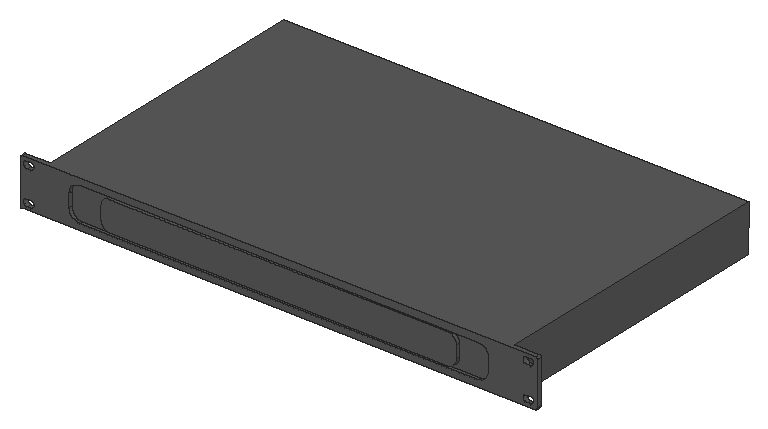
Revit family "E 40-4l", category Communication Devices, Revit 2020
Family settings
  Maintain Annotation Orientation = No
  Round Connector Dimension = Use Diameter
  Part Type = Normal
  Work Plane-Based = No
  Always vertical = Yes
  Cut with Voids When Loaded = No
  Shared = No
  Room Calculation Point = No
Parameters
  Weight (kg) [instance] = 7.9  # constant formula
  Voltage [instance] = "100-240VAC"  # constant formula
  Model = "E 40:4"
  Manufacturer = "Lab Gruppen"
  Default Elevation = 0 mm
  Current Draw (Max) [instance] = 10  # constant formula
Reference planes
  plane 1 "Center (Front/Back)": y = 0
  plane 2: z = 0
  plane 3 "Center (Left/Right)": x = 0
Forms (mm)
  Extrusion 1, solid, material "Aluminium, Black"
    sketch origin (0, 0, 0) x (1, 0, 0) y (0, 0, 1)
      loop
        line (216.937, 44) -> (-216.504, 44) -> (-216.504, 0) -> (216.937, 0) -> (216.937, 44)
    from 0 to -272
  Extrusion 2, solid, material "Aluminium, Black"
    sketch origin (0, 0, 0) x (1, 0, 0) y (0, 0, 1)
      loop
        arc (-239.3, 44) -> (-240.714, 43.415) -> (-241.3, 42) r 2
        line (-241.3, 42) -> (-241.3, 2)
        arc (-241.3, 2) -> (-240.714, 0.586) -> (-239.3, 0) r 2
        line (-239.3, 0) -> (239.3, 0)
        arc (239.3, 0) -> (240.714, 0.586) -> (241.3, 2) r 2
        line (241.3, 2) -> (241.3, 42)
        arc (241.3, 42) -> (240.714, 43.415) -> (239.3, 44) r 2
        line (239.3, 44) -> (-239.3, 44)
    from 0 to 4
  Extrusion 3, void
    sketch origin (0, 0, 0) x (1, 0, 0) y (0, 0, 1)
      loop
        arc (231.4, 41.4) -> (227.9, 37.9) -> (231.4, 34.4) r 3.5
        line (231.4, 34.4) -> (234.4, 34.4)
        arc (234.4, 34.4) -> (237.9, 37.9) -> (234.4, 41.4) r 3.5
        line (234.4, 41.4) -> (231.4, 41.4)
    from 0 to 4
  Extrusion 4, void
    sketch origin (0, 0, 0) x (1, 0, 0) y (0, 0, 1)
      loop
        arc (231.4, 9.6) -> (227.9, 6.1) -> (231.4, 2.6) r 3.5
        line (231.4, 2.6) -> (234.4, 2.6)
        arc (234.4, 2.6) -> (237.9, 6.1) -> (234.4, 9.6) r 3.5
        line (234.4, 9.6) -> (231.4, 9.6)
    from 0 to 4
  Extrusion 5, void
    sketch origin (0, 0, 0) x (1, 0, 0) y (0, 0, 1)
      loop
        arc (-234.4, 41.4) -> (-237.9, 37.9) -> (-234.4, 34.4) r 3.5
        line (-234.4, 34.4) -> (-231.4, 34.4)
        arc (-231.4, 34.4) -> (-227.9, 37.9) -> (-231.4, 41.4) r 3.5
        line (-231.4, 41.4) -> (-234.4, 41.4)
    from 0 to 4
  Extrusion 6, void
    sketch origin (0, 0, 0) x (1, 0, 0) y (0, 0, 1)
      loop
        arc (-234.4, 9.6) -> (-237.9, 6.1) -> (-234.4, 2.6) r 3.5
        line (-234.4, 2.6) -> (-231.4, 2.6)
        arc (-231.4, 2.6) -> (-227.9, 6.1) -> (-231.4, 9.6) r 3.5
        line (-231.4, 9.6) -> (-234.4, 9.6)
    from 0 to 4
  Extrusion 7, void
    sketch origin (0, 0, 0) x (1, 0, 0) y (0, 0, 1)
      loop
        arc (-185.75, 38) -> (-192.821, 35.072) -> (-195.75, 28.001) r 10
        line (-195.75, 28.001) -> (-195.75, 16)
        arc (-195.75, 16) -> (-192.821, 8.929) -> (-185.75, 6) r 10
        line (-185.75, 6) -> (185.75, 6)
        arc (185.75, 6) -> (192.821, 8.929) -> (195.75, 16) r 10
        line (195.75, 16) -> (195.75, 28)
        arc (195.75, 28) -> (192.821, 35.071) -> (185.75, 38) r 10
        line (185.75, 38) -> (-185.75, 38)
    from 1 to 4
  Extrusion 8, solid, material "Aluminium, Black"
    sketch origin (0, 0, 0) x (1, 0, 0) y (0, 0, 1)
      loop
        arc (-157.75, 36.001) -> (-163.407, 33.657) -> (-165.75, 28.001) r 8
        line (-165.75, 28.001) -> (-165.75, 16)
        arc (-165.75, 16) -> (-163.407, 10.343) -> (-157.75, 8) r 8
        line (-157.75, 8) -> (157.75, 8)
        arc (157.75, 8) -> (163.407, 10.343) -> (165.75, 16) r 8
        line (165.75, 16) -> (165.75, 28.001)
        arc (165.75, 28.001) -> (163.407, 33.658) -> (157.75, 36.001) r 8
        line (157.75, 36.001) -> (-157.75, 36.001)
    from 1 to 4
Cuts and joins
  Extrusion 3, Extrusion 4, Extrusion 7 cuts Extrusion 1
  Extrusion 3, Extrusion 4, Extrusion 5, Extrusion 6, Extrusion 7 cuts Extrusion 2
  joined: Extrusion 1, Extrusion 2, Extrusion 8
Lines and regions (mm)
  Split face 1
    outline origin (-157.75, -4, 36.001) x (-1, 0, 0) y (0, 0, -1)
      loop
        arc (-83.45, 9.2) -> (-82.15, 10.5) -> (-83.45, 11.8) r 1.3
        line (-83.45, 11.8) -> (-89.45, 11.8)
        arc (-89.45, 11.8) -> (-90.75, 10.5) -> (-89.45, 9.2) r 1.3
        line (-89.45, 9.2) -> (-83.45, 9.2)
  Split face 2
    outline origin (-157.75, -4, 36.001) x (-1, 0, 0) y (0, 0, -1)
      loop
        arc (-83.45, 16.2) -> (-82.15, 17.5) -> (-83.45, 18.8) r 1.3
        line (-83.45, 18.8) -> (-89.45, 18.8)
        arc (-89.45, 18.8) -> (-90.75, 17.5) -> (-89.45, 16.2) r 1.3
        line (-89.45, 16.2) -> (-83.45, 16.2)
  Split face 3
    outline origin (151.8, 272, 44) x (0, 0, -1) y (-1, 0, 0)
      loop
        line (36.881, 281.67) -> (36.881, 297.368) -> (20.917, 297.368) -> (20.917, 281.67) -> (36.881, 281.67)
  Split face 4
    outline origin (176.085, 272, 44) x (0, 0, -1) y (-1, 0, 0)
      loop
        line (36.881, 324.151) -> (36.881, 339.849) -> (20.917, 339.849) -> (20.917, 324.151) -> (36.881, 324.151)
  Split face 5
    outline origin (151.8, 272, 44) x (0, 0, -1) y (-1, 0, 0)
      loop
        line (25.011, 295.86) -> (25.011, 294.882) -> (26.156, 294.882) -> (26.156, 291.433) -> (25.011, 291.433) -> (25.011, 287.788) -> (26.156, 287.788) -> (26.156, 284.34) -> (25.011, 284.34) -> (25.011, 283.361) -> (33.865, 283.361) -> (33.865, 295.86) -> (25.011, 295.86)
  Split face 6
    outline origin (176.085, 272, 44) x (0, 0, -1) y (-1, 0, 0)
      loop
        line (25.011, 338.341) -> (25.011, 337.363) -> (26.156, 337.363) -> (26.156, 333.914) -> (25.011, 333.914) -> (25.011, 330.269) -> (26.156, 330.269) -> (26.156, 326.821) -> (25.011, 326.821) -> (25.011, 325.842) -> (33.865, 325.842) -> (33.865, 338.341) -> (25.011, 338.341)
  Split face 7
    outline origin (187.853, 272, 44) x (0, 0, -1) y (-1, 0, 0)
      loop
        arc (28.422, 363.645) -> (30.466, 364.55) -> (31.305, 366.623) r 2.98
        line (31.305, 366.623) -> (31.305, 391.409)
        arc (31.305, 391.409) -> (30.493, 393.507) -> (28.422, 394.385) r 2.884
        line (28.422, 394.385) -> (12.058, 394.385)
        arc (12.058, 394.385) -> (10.01, 393.483) -> (9.169, 391.409) r 2.977
        line (9.169, 391.409) -> (9.169, 366.623)
        arc (9.169, 366.623) -> (9.983, 364.523) -> (12.058, 363.645) r 2.89
        line (12.058, 363.645) -> (28.422, 363.645)
  Split face 8
    outline origin (187.853, 272, 44) x (0, 0, -1) y (-1, 0, 0)
      loop
        arc (28.393, 389.257) -> (27.776, 390.755) -> (26.279, 391.376) r 2.114
        line (26.279, 391.376) -> (17.692, 391.376)
        arc (17.692, 391.376) -> (17.189, 391.274) -> (16.765, 390.986) r 1.299
        line (16.765, 390.986) -> (12.421, 386.557)
        arc (12.421, 386.557) -> (12.138, 386.127) -> (12.039, 385.622) r 1.336
        line (12.039, 385.622) -> (12.039, 372.472)
        arc (12.039, 372.472) -> (12.14, 371.968) -> (12.429, 371.544) r 1.293
        line (12.429, 371.544) -> (16.76, 367.323)
        arc (16.76, 367.323) -> (17.188, 367.04) -> (17.692, 366.941) r 1.327
        line (17.692, 366.941) -> (26.156, 366.941)
        arc (26.156, 366.941) -> (27.73, 367.519) -> (28.393, 369.059) r 2.122
        line (28.393, 369.059) -> (28.393, 389.257)
  Split face 9
    outline origin (187.853, 272, 44) x (0, 0, -1) y (-1, 0, 0)
      loop
        line (23.895, 385.372) -> (23.895, 387.032) -> (20.184, 387.032) -> (20.184, 385.372) -> (23.895, 385.372)
  Split face 10
    outline origin (187.853, 272, 44) x (0, 0, -1) y (-1, 0, 0)
      loop
        line (19.844, 378.336) -> (19.844, 379.996) -> (16.129, 379.996) -> (16.129, 378.336) -> (19.844, 378.336)
  Split face 11
    outline origin (187.853, 272, 44) x (0, 0, -1) y (-1, 0, 0)
      loop
        line (20.184, 372.93) -> (20.184, 371.266) -> (23.895, 371.266) -> (23.895, 372.93) -> (20.184, 372.93)
  Split face 12
    outline origin (216.937, 272, 44) x (0, 0, -1) y (-1, 0, 0)
      loop
        circle (29.652, 182.63) r 5.531
  Split face 13
    outline origin (216.937, 272, 44) x (0, 0, -1) y (-1, 0, 0)
      loop
        circle (30.72, 192.684) r 1.778
  Split face 14
    outline origin (216.937, 272, 39.014) x (0, 0, -1) y (-1, 0, 0)
      loop
        circle (25.227, 151.875) r 5.494
  Split face 15
    outline origin (216.937, 272, 39.014) x (0, 0, -1) y (-1, 0, 0)
      loop
        arc (22.886, 150.987) -> (22.835, 149.663) -> (24.159, 149.613) r 0.936
        line (24.159, 149.613) -> (27.557, 152.764)
        arc (27.557, 152.764) -> (27.611, 154.086) -> (26.289, 154.138) r 0.935
        line (26.289, 154.138) -> (22.886, 150.987)
  Split face 16
    outline origin (216.937, 272, 44) x (0, 0, -1) y (-1, 0, 0)
      loop
        circle (31.117, 140.57) r 1.58
  Split face 17
    outline origin (216.937, 272, 44) x (0, 0, -1) y (-1, 0, 0)
      loop
        line (34.484, 130.603) -> (34.484, 135.25) -> (27.365, 135.25) -> (27.365, 130.603) -> (34.484, 130.603)
  Split face 18
    outline origin (216.937, 272, 44) x (0, 0, -1) y (-1, 0, 0)
      loop
        line (33.378, 131.605) -> (33.378, 134.248) -> (29.564, 134.248) -> (29.564, 131.605) -> (33.378, 131.605)
  Split face 19
    outline origin (216.937, 272, 44) x (0, 0, -1) y (-1, 0, 0)
      loop
        line (34.484, 122.278) -> (34.484, 126.924) -> (27.365, 126.924) -> (27.365, 122.278) -> (34.484, 122.278)
  Split face 20
    outline origin (216.937, 272, 44) x (0, 0, -1) y (-1, 0, 0)
      loop
        line (33.378, 123.28) -> (33.378, 125.924) -> (29.564, 125.924) -> (29.564, 123.28) -> (33.378, 123.28)
  Split face 21
    outline origin (216.937, 272, 39.014) x (0, 0, -1) y (-1, 0, 0)
      loop
        circle (25.225, 110.053) r 5.494
  Split face 22
    outline origin (216.937, 272, 39.014) x (0, 0, -1) y (-1, 0, 0)
      loop
        arc (22.886, 109.165) -> (22.835, 107.841) -> (24.159, 107.791) r 0.936
        line (24.159, 107.791) -> (27.557, 110.942)
        arc (27.557, 110.942) -> (27.611, 112.264) -> (26.289, 112.316) r 0.935
        line (26.289, 112.316) -> (22.886, 109.165)
  Split face 23
    outline origin (216.937, 272, 44) x (0, 0, -1) y (-1, 0, 0)
      loop
        line (34.484, 88.653) -> (34.484, 93.301) -> (27.365, 93.301) -> (27.365, 88.653) -> (34.484, 88.653)
  Split face 24
    outline origin (216.937, 272, 44) x (0, 0, -1) y (-1, 0, 0)
      loop
        line (33.378, 89.656) -> (33.378, 92.299) -> (29.564, 92.299) -> (29.564, 89.656) -> (33.378, 89.656)
  Split face 25
    outline origin (216.937, 272, 44) x (0, 0, -1) y (-1, 0, 0)
      loop
        line (34.484, 80.329) -> (34.484, 84.975) -> (27.365, 84.975) -> (27.365, 80.329) -> (34.484, 80.329)
  Split face 26
    outline origin (216.937, 272, 44) x (0, 0, -1) y (-1, 0, 0)
      loop
        line (33.378, 81.331) -> (33.378, 83.975) -> (29.564, 83.975) -> (29.564, 81.331) -> (33.378, 81.331)
  Split face 27
    outline origin (216.937, 272, 44) x (0, 0, -1) y (-1, 0, 0)
      loop
        circle (31.117, 98.391) r 1.578
  Split face 28
    outline origin (216.937, 272, 44) x (0, 0, -1) y (-1, 0, 0)
      loop
        line (36.299, 4.758) -> (36.299, 26.188) -> (27.277, 26.188) -> (27.277, 25.116) -> (25.049, 25.116) -> (25.049, 5.793) -> (27.365, 5.793) -> (27.365, 4.758) -> (36.299, 4.758)
  Split face 29
    outline origin (216.937, 272, 44) x (0, 0, -1) y (-1, 0, 0)
      loop
        line (28.11, 4.758) -> (28.11, 26.188)
  Split face 30
    outline origin (216.937, 272, 44) x (0, 0, -1) y (-1, 0, 0)
      loop
        line (36.539, 31.923) -> (36.539, 49.134) -> (27.536, 49.134) -> (27.536, 46.746) -> (25.308, 46.746) -> (25.308, 34.334) -> (27.633, 34.334) -> (27.633, 31.923) -> (36.539, 31.923)
  Split face 31
    outline origin (216.937, 272, 44) x (0, 0, -1) y (-1, 0, 0)
      loop
        line (28.36, 31.923) -> (28.36, 49.134)
  Split face 32
    outline origin (216.937, 272, 44) x (0, 0, -1) y (-1, 0, 0)
      loop
        line (36.539, 58.674) -> (36.539, 75.884) -> (27.536, 75.884) -> (27.536, 73.496) -> (25.308, 73.496) -> (25.308, 61.084) -> (27.633, 61.084) -> (27.633, 58.674) -> (36.539, 58.674)
  Split face 33
    outline origin (216.937, 272, 44) x (0, 0, -1) y (-1, 0, 0)
      loop
        line (28.36, 58.674) -> (28.36, 75.884)
  Split face 34
    outline origin (216.937, 272, 44) x (0, 0, -1) y (-1, 0, 0)
      loop
        arc (34.712, 33.431) -> (35.812, 35.797) -> (34.712, 38.163) r 3.096
        arc (34.712, 38.163) -> (35.812, 40.529) -> (34.712, 42.895) r 3.096
        arc (34.712, 42.895) -> (35.812, 45.261) -> (34.712, 47.626) r 3.096
        line (34.712, 47.626) -> (34.712, 48.426) -> (30.105, 48.426) -> (30.105, 32.631) -> (34.712, 32.631) -> (34.712, 33.431)
  Split face 35
    outline origin (216.937, 272, 44) x (0, 0, -1) y (-1, 0, 0)
      loop
        arc (34.712, 60.181) -> (35.812, 62.547) -> (34.712, 64.913) r 3.096
        arc (34.712, 64.913) -> (35.812, 67.279) -> (34.712, 69.645) r 3.096
        arc (34.712, 69.645) -> (35.812, 72.011) -> (34.712, 74.377) r 3.096
        line (34.712, 74.377) -> (34.712, 75.177) -> (30.105, 75.177) -> (30.105, 59.381) -> (34.712, 59.381) -> (34.712, 60.181)
  Split face 36
    outline origin (216.937, 272, 44) x (0, 0, -1) y (-1, 0, 0)
      loop
        arc (34.712, 6.009) -> (35.812, 8.375) -> (34.712, 10.741) r 3.096
        arc (34.712, 10.741) -> (35.812, 13.107) -> (34.712, 15.473) r 3.096
        arc (34.712, 15.473) -> (35.812, 17.839) -> (34.712, 20.205) r 3.096
        arc (34.712, 20.205) -> (35.812, 22.571) -> (34.712, 24.937) r 3.096
        line (34.712, 24.937) -> (34.712, 25.737) -> (30.105, 25.737) -> (30.105, 5.209) -> (34.712, 5.209) -> (34.712, 6.009)
  Split face 37
    outline origin (-157.75, -4, 36.001) x (-1, 0, 0) y (0, 0, -1)
      loop
        circle (-182.45, 10.5) r 1.3
  Split face 38
    outline origin (-157.75, -4, 36.001) x (-1, 0, 0) y (0, 0, -1)
      loop
        circle (-182.45, 17.5) r 1.3
  Split face 39
    outline origin (-157.75, -4, 36.001) x (-1, 0, 0) y (0, 0, -1)
      loop
        circle (-206.951, 10.5) r 1.3
  Split face 40
    outline origin (-157.75, -4, 36.001) x (-1, 0, 0) y (0, 0, -1)
      loop
        circle (-206.951, 17.5) r 1.3
  Split face 41
    outline origin (216.937, 272, 44) x (0, 0, -1) y (-1, 0, 0)
      loop
        line (36.881, 328.65) -> (36.881, 344.348) -> (20.917, 344.348) -> (20.917, 328.65) -> (36.881, 328.65)
  Split face 42
    outline origin (216.937, 272, 44) x (0, 0, -1) y (-1, 0, 0)
      loop
        line (36.881, 310.454) -> (36.881, 326.152) -> (20.917, 326.152) -> (20.917, 310.454) -> (36.881, 310.454)
  Split face 43
    outline origin (216.937, 272, 44) x (0, 0, -1) y (-1, 0, 0)
      loop
        line (25.011, 342.823) -> (25.011, 341.844) -> (26.156, 341.844) -> (26.156, 338.396) -> (25.011, 338.396) -> (25.011, 334.751) -> (26.156, 334.751) -> (26.156, 331.302) -> (25.011, 331.302) -> (25.011, 330.324) -> (33.865, 330.324) -> (33.865, 342.823) -> (25.011, 342.823)
  Split face 44
    outline origin (216.937, 272, 44) x (0, 0, -1) y (-1, 0, 0)
      loop
        line (25.011, 324.627) -> (25.011, 323.648) -> (26.156, 323.648) -> (26.156, 320.2) -> (25.011, 320.2) -> (25.011, 316.555) -> (26.156, 316.555) -> (26.156, 313.106) -> (25.011, 313.106) -> (25.011, 312.128) -> (33.865, 312.128) -> (33.865, 324.627) -> (25.011, 324.627)
  Split face 45
    outline origin (216.937, 272, 44) x (0, 0, -1) y (-1, 0, 0)
      loop
        line (19.417, 31.923) -> (19.417, 49.134) -> (10.414, 49.134) -> (10.414, 46.746) -> (8.187, 46.746) -> (8.187, 34.334) -> (10.511, 34.334) -> (10.511, 31.923) -> (19.417, 31.923)
  Split face 46
    outline origin (216.937, 272, 44) x (0, 0, -1) y (-1, 0, 0)
      loop
        line (19.23, 58.714) -> (19.23, 75.925) -> (10.227, 75.925) -> (10.227, 73.537) -> (8, 73.537) -> (8, 61.125) -> (10.325, 61.125) -> (10.325, 58.714) -> (19.23, 58.714)
  Split face 47
    outline origin (216.937, 272, 44) x (0, 0, -1) y (-1, 0, 0)
      loop
        arc (16.948, 33.431) -> (18.047, 35.797) -> (16.948, 38.163) r 3.096
        arc (16.948, 38.163) -> (18.047, 40.529) -> (16.948, 42.895) r 3.096
        arc (16.948, 42.895) -> (18.047, 45.261) -> (16.948, 47.626) r 3.096
        line (16.948, 47.626) -> (16.948, 48.426) -> (12.341, 48.426) -> (12.341, 32.631) -> (16.948, 32.631) -> (16.948, 33.431)
  Split face 48
    outline origin (216.937, 272, 44) x (0, 0, -1) y (-1, 0, 0)
      loop
        arc (16.948, 60.181) -> (18.047, 62.547) -> (16.948, 64.913) r 3.096
        arc (16.948, 64.913) -> (18.047, 67.279) -> (16.948, 69.645) r 3.096
        arc (16.948, 69.645) -> (18.047, 72.011) -> (16.948, 74.377) r 3.096
        line (16.948, 74.377) -> (16.948, 75.177) -> (12.341, 75.177) -> (12.341, 59.381) -> (16.948, 59.381) -> (16.948, 60.181)
  Split face 49
    outline origin (216.937, 272, 44) x (0, 0, -1) y (-1, 0, 0)
      loop
        circle (12.341, 110.004) r 5.5
  Split face 50
    outline origin (216.937, 272, 44) x (0, 0, -1) y (-1, 0, 0)
      loop
        arc (10.048, 109.165) -> (9.997, 107.841) -> (11.321, 107.791) r 0.936
        line (11.321, 107.791) -> (14.719, 110.942)
        arc (14.719, 110.942) -> (14.773, 112.264) -> (13.451, 112.316) r 0.935
        line (13.451, 112.316) -> (10.048, 109.165)
  Split face 51
    outline origin (216.937, 272, 44) x (0, 0, -1) y (-1, 0, 0)
      loop
        circle (12.341, 151.894) r 5.5
  Split face 52
    outline origin (216.937, 272, 44) x (0, 0, -1) y (-1, 0, 0)
      loop
        arc (10.048, 150.981) -> (9.997, 149.657) -> (11.321, 149.607) r 0.936
        line (11.321, 149.607) -> (14.719, 152.758)
        arc (14.719, 152.758) -> (14.773, 154.08) -> (13.451, 154.132) r 0.935
        line (13.451, 154.132) -> (10.048, 150.981)
  Split face 53
    outline origin (216.937, 272, 44) x (0, 0, -1) y (-1, 0, 0)
      loop
        line (16.685, 130.603) -> (16.685, 135.25) -> (9.565, 135.25) -> (9.565, 130.603) -> (16.685, 130.603)
  Split face 54
    outline origin (216.937, 272, 44) x (0, 0, -1) y (-1, 0, 0)
      loop
        line (16.685, 122.276) -> (16.685, 126.924) -> (9.565, 126.924) -> (9.565, 122.276) -> (16.685, 122.276)
  Split face 55
    outline origin (216.937, 272, 44) x (0, 0, -1) y (-1, 0, 0)
      loop
        line (16.685, 88.653) -> (16.685, 93.301) -> (9.565, 93.301) -> (9.565, 88.653) -> (16.685, 88.653)
  Split face 56
    outline origin (216.937, 272, 44) x (0, 0, -1) y (-1, 0, 0)
      loop
        line (16.685, 80.327) -> (16.685, 84.975) -> (9.565, 84.975) -> (9.565, 80.327) -> (16.685, 80.327)
  Split face 57
    outline origin (216.937, 272, 44) x (0, 0, -1) y (-1, 0, 0)
      loop
        line (15.578, 131.605) -> (15.578, 134.248) -> (11.764, 134.248) -> (11.764, 131.605) -> (15.578, 131.605)
  Split face 58
    outline origin (216.937, 272, 44) x (0, 0, -1) y (-1, 0, 0)
      loop
        line (15.578, 123.279) -> (15.578, 125.922) -> (11.764, 125.922) -> (11.764, 123.279) -> (15.578, 123.279)
  Split face 59
    outline origin (216.937, 272, 44) x (0, 0, -1) y (-1, 0, 0)
      loop
        line (15.578, 89.656) -> (15.578, 92.299) -> (11.764, 92.299) -> (11.764, 89.656) -> (15.578, 89.656)
  Split face 60
    outline origin (216.937, 272, 44) x (0, 0, -1) y (-1, 0, 0)
      loop
        line (15.578, 81.33) -> (15.578, 83.973) -> (11.764, 83.973) -> (11.764, 81.33) -> (15.578, 81.33)
  Split face 61
    outline origin (216.937, 272, 44) x (0, 0, -1) y (-1, 0, 0)
      loop
        circle (13.317, 140.57) r 1.58
  Split face 62
    outline origin (216.937, 272, 44) x (0, 0, -1) y (-1, 0, 0)
      loop
        circle (13.317, 98.389) r 1.58
  Split face 63
    outline origin (216.937, 272, 44) x (0, 0, -1) y (-1, 0, 0)
      loop
        arc (34.712, 234.907) -> (35.974, 236.169) -> (34.712, 237.43) r 1.262
        line (34.712, 237.43) -> (6.452, 237.43)
        arc (6.452, 237.43) -> (5.19, 236.169) -> (6.452, 234.907) r 1.262
        line (6.452, 234.907) -> (34.712, 234.907)
  Split face 64
    outline origin (216.937, 272, 44) x (0, 0, -1) y (-1, 0, 0)
      loop
        arc (34.712, 238.407) -> (35.974, 239.669) -> (34.712, 240.93) r 1.262
        line (34.712, 240.93) -> (6.452, 240.93)
        arc (6.452, 240.93) -> (5.19, 239.669) -> (6.452, 238.407) r 1.262
        line (6.452, 238.407) -> (34.712, 238.407)
  Split face 65
    outline origin (216.937, 272, 44) x (0, 0, -1) y (-1, 0, 0)
      loop
        arc (34.712, 217.409) -> (35.974, 218.671) -> (34.712, 219.933) r 1.262
        line (34.712, 219.933) -> (6.452, 219.933)
        arc (6.452, 219.933) -> (5.19, 218.671) -> (6.452, 217.409) r 1.262
        line (6.452, 217.409) -> (34.712, 217.409)
  Split face 66
    outline origin (216.937, 272, 44) x (0, 0, -1) y (-1, 0, 0)
      loop
        arc (34.712, 213.93) -> (35.974, 215.192) -> (34.712, 216.454) r 1.262
        line (34.712, 216.454) -> (6.452, 216.454)
        arc (6.452, 216.454) -> (5.19, 215.192) -> (6.452, 213.93) r 1.262
        line (6.452, 213.93) -> (34.712, 213.93)
  Split face 67
    outline origin (216.937, 272, 44) x (0, 0, -1) y (-1, 0, 0)
      loop
        arc (34.712, 245.407) -> (35.974, 246.669) -> (34.712, 247.93) r 1.262
        line (34.712, 247.93) -> (6.452, 247.93)
        arc (6.452, 247.93) -> (5.19, 246.669) -> (6.452, 245.407) r 1.262
        line (6.452, 245.407) -> (34.712, 245.407)
  Split face 68
    outline origin (216.937, 272, 44) x (0, 0, -1) y (-1, 0, 0)
      loop
        arc (34.712, 224.389) -> (35.974, 225.651) -> (34.712, 226.913) r 1.262
        line (34.712, 226.913) -> (6.452, 226.913)
        arc (6.452, 226.913) -> (5.19, 225.651) -> (6.452, 224.389) r 1.262
        line (6.452, 224.389) -> (34.712, 224.389)
  Split face 69
    outline origin (216.937, 272, 44) x (0, 0, -1) y (-1, 0, 0)
      loop
        arc (34.712, 220.89) -> (35.974, 222.152) -> (34.712, 223.413) r 1.262
        line (34.712, 223.413) -> (6.452, 223.413)
        arc (6.452, 223.413) -> (5.19, 222.152) -> (6.452, 220.89) r 1.262
        line (6.452, 220.89) -> (34.712, 220.89)
  Split face 70
    outline origin (216.937, 272, 44) x (0, 0, -1) y (-1, 0, 0)
      loop
        arc (34.712, 241.907) -> (35.974, 243.169) -> (34.712, 244.43) r 1.262
        line (34.712, 244.43) -> (6.452, 244.43)
        arc (6.452, 244.43) -> (5.19, 243.169) -> (6.452, 241.907) r 1.262
        line (6.452, 241.907) -> (34.712, 241.907)
  Split face 71
    outline origin (216.937, 272, 44) x (0, 0, -1) y (-1, 0, 0)
      loop
        arc (34.712, 227.907) -> (35.974, 229.169) -> (34.712, 230.43) r 1.262
        line (34.712, 230.43) -> (6.452, 230.43)
        arc (6.452, 230.43) -> (5.19, 229.169) -> (6.452, 227.907) r 1.262
        line (6.452, 227.907) -> (34.712, 227.907)
  Split face 72
    outline origin (216.937, 272, 44) x (0, 0, -1) y (-1, 0, 0)
      loop
        arc (34.712, 231.407) -> (35.974, 232.669) -> (34.712, 233.93) r 1.262
        line (34.712, 233.93) -> (6.452, 233.93)
        arc (6.452, 233.93) -> (5.19, 232.669) -> (6.452, 231.407) r 1.262
        line (6.452, 231.407) -> (34.712, 231.407)
  Split face 73
    outline origin (216.937, 272, 44) x (0, 0, -1) y (-1, 0, 0)
      loop
        arc (34.712, 248.907) -> (35.974, 250.169) -> (34.712, 251.43) r 1.262
        line (34.712, 251.43) -> (6.452, 251.43)
        arc (6.452, 251.43) -> (5.19, 250.169) -> (6.452, 248.907) r 1.262
        line (6.452, 248.907) -> (34.712, 248.907)
  Split face 74
    outline origin (216.937, 272, 44) x (0, 0, -1) y (-1, 0, 0)
      loop
        arc (34.712, 266.407) -> (35.974, 267.669) -> (34.712, 268.93) r 1.262
        line (34.712, 268.93) -> (6.452, 268.93)
        arc (6.452, 268.93) -> (5.19, 267.669) -> (6.452, 266.407) r 1.262
        line (6.452, 266.407) -> (34.712, 266.407)
  Split face 75
    outline origin (216.937, 272, 44) x (0, 0, -1) y (-1, 0, 0)
      loop
        arc (34.712, 276.907) -> (35.974, 278.169) -> (34.712, 279.43) r 1.262
        line (34.712, 279.43) -> (6.452, 279.43)
        arc (6.452, 279.43) -> (5.19, 278.169) -> (6.452, 276.907) r 1.262
        line (6.452, 276.907) -> (34.712, 276.907)
  Split face 76
    outline origin (216.937, 272, 44) x (0, 0, -1) y (-1, 0, 0)
      loop
        arc (34.712, 273.407) -> (35.974, 274.669) -> (34.712, 275.93) r 1.262
        line (34.712, 275.93) -> (6.452, 275.93)
        arc (6.452, 275.93) -> (5.19, 274.669) -> (6.452, 273.407) r 1.262
        line (6.452, 273.407) -> (34.712, 273.407)
  Split face 77
    outline origin (216.937, 272, 44) x (0, 0, -1) y (-1, 0, 0)
      loop
        arc (34.712, 280.407) -> (35.974, 281.669) -> (34.712, 282.93) r 1.262
        line (34.712, 282.93) -> (6.452, 282.93)
        arc (6.452, 282.93) -> (5.19, 281.669) -> (6.452, 280.407) r 1.262
        line (6.452, 280.407) -> (34.712, 280.407)
  Split face 78
    outline origin (216.937, 272, 44) x (0, 0, -1) y (-1, 0, 0)
      loop
        arc (34.712, 269.907) -> (35.974, 271.169) -> (34.712, 272.43) r 1.262
        line (34.712, 272.43) -> (6.452, 272.43)
        arc (6.452, 272.43) -> (5.19, 271.169) -> (6.452, 269.907) r 1.262
        line (6.452, 269.907) -> (34.712, 269.907)
  Split face 79
    outline origin (216.937, 272, 44) x (0, 0, -1) y (-1, 0, 0)
      loop
        arc (34.712, 255.907) -> (35.974, 257.169) -> (34.712, 258.43) r 1.262
        line (34.712, 258.43) -> (6.452, 258.43)
        arc (6.452, 258.43) -> (5.19, 257.169) -> (6.452, 255.907) r 1.262
        line (6.452, 255.907) -> (34.712, 255.907)
  Split face 80
    outline origin (216.937, 272, 44) x (0, 0, -1) y (-1, 0, 0)
      loop
        arc (34.712, 252.407) -> (35.974, 253.669) -> (34.712, 254.93) r 1.262
        line (34.712, 254.93) -> (6.452, 254.93)
        arc (6.452, 254.93) -> (5.19, 253.669) -> (6.452, 252.407) r 1.262
        line (6.452, 252.407) -> (34.712, 252.407)
  Split face 81
    outline origin (216.937, 272, 44) x (0, 0, -1) y (-1, 0, 0)
      loop
        arc (34.712, 262.907) -> (35.974, 264.169) -> (34.712, 265.43) r 1.262
        line (34.712, 265.43) -> (6.452, 265.43)
        arc (6.452, 265.43) -> (5.19, 264.169) -> (6.452, 262.907) r 1.262
        line (6.452, 262.907) -> (34.712, 262.907)
  Split face 82
    outline origin (216.937, 272, 44) x (0, 0, -1) y (-1, 0, 0)
      loop
        arc (34.712, 259.407) -> (35.974, 260.669) -> (34.712, 261.93) r 1.262
        line (34.712, 261.93) -> (6.452, 261.93)
        arc (6.452, 261.93) -> (5.19, 260.669) -> (6.452, 259.407) r 1.262
        line (6.452, 259.407) -> (34.712, 259.407)
  Split face 83
    outline origin (-157.75, -4, 36.001) x (-1, 0, 0) y (0, 0, -1)
      loop
        circle (-157.95, 10.5) r 1.3
  Split face 84
    outline origin (-157.75, -4, 36.001) x (-1, 0, 0) y (0, 0, -1)
      loop
        circle (-157.95, 17.5) r 1.3
  Split face 85
    outline origin (-157.75, -4, 36.001) x (-1, 0, 0) y (0, 0, -1)
      loop
        circle (-133.45, 10.5) r 1.3
  Split face 86
    outline origin (-157.75, -4, 36.001) x (-1, 0, 0) y (0, 0, -1)
      loop
        circle (-133.45, 17.5) r 1.3
  Split face 87
    outline origin (216.937, 272, 44) x (0, 0, -1) y (-1, 0, 0)
      loop
        arc (34.712, 283.907) -> (35.974, 285.169) -> (34.712, 286.43) r 1.262
        line (34.712, 286.43) -> (6.452, 286.43)
        arc (6.452, 286.43) -> (5.19, 285.169) -> (6.452, 283.907) r 1.262
        line (6.452, 283.907) -> (34.712, 283.907)
  Split face 88
    outline origin (216.937, 272, 44) x (0, 0, -1) y (-1, 0, 0)
      loop
        arc (34.712, 287.407) -> (35.974, 288.669) -> (34.712, 289.93) r 1.262
        line (34.712, 289.93) -> (6.452, 289.93)
        arc (6.452, 289.93) -> (5.19, 288.669) -> (6.452, 287.407) r 1.262
        line (6.452, 287.407) -> (34.712, 287.407)
  Split face 89
    outline origin (216.937, 272, 44) x (0, 0, -1) y (-1, 0, 0)
      loop
        arc (34.712, 290.907) -> (35.974, 292.169) -> (34.712, 293.43) r 1.262
        line (34.712, 293.43) -> (6.452, 293.43)
        arc (6.452, 293.43) -> (5.19, 292.169) -> (6.452, 290.907) r 1.262
        line (6.452, 290.907) -> (34.712, 290.907)
  Split face 90
    outline origin (216.937, 272, 44) x (0, 0, -1) y (-1, 0, 0)
      loop
        arc (34.712, 294.407) -> (35.974, 295.669) -> (34.712, 296.93) r 1.262
        line (34.712, 296.93) -> (6.452, 296.93)
        arc (6.452, 296.93) -> (5.19, 295.669) -> (6.452, 294.407) r 1.262
        line (6.452, 294.407) -> (34.712, 294.407)
  model lines, style "LAGER_1"
    curve 1: line (-239.3, 0, 0) -> (239.3, 0, 0)
    curve 2: line (131.532, -4, 23.649) -> (131.062, -4, 23.759)
    curve 3: line (131.062, -4, 23.759) -> (130.184, -4, 23.802)
    curve 4: line (130.184, -4, 23.802) -> (130.011, -4, 23.802)
    curve 5: line (130.011, -4, 23.802) -> (129.167, -4, 23.765)
    curve 6: line (129.167, -4, 23.765) -> (128.533, -4, 23.639)
    curve 7: line (128.533, -4, 23.639) -> (128.28, -4, 23.401)
    curve 8: line (128.28, -4, 23.401) -> (128.431, -4, 22.518)
    curve 9: line (128.431, -4, 22.518) -> (129.032, -4, 22.38)
    curve 10: line (129.032, -4, 22.38) -> (129.482, -4, 22.38)
    curve 11: line (129.482, -4, 22.38) -> (130.451, -4, 22.38)
    curve 12: line (130.451, -4, 22.38) -> (130.901, -4, 22.374)
    curve 13: line (130.901, -4, 22.374) -> (131.496, -4, 22.325)
    curve 14: line (131.496, -4, 22.325) -> (132.137, -4, 22.046)
    curve 15: line (132.137, -4, 22.046) -> (132.264, -4, 20.617)
    curve 16: line (132.264, -4, 20.617) -> (131.866, -4, 20.243)
    curve 17: line (131.866, -4, 20.243) -> (131.187, -4, 20.08)
    curve 18: line (131.187, -4, 20.08) -> (130.321, -4, 20.043)
    curve 19: line (130.321, -4, 20.043) -> (129.994, -4, 20.043)
    curve 20: line (129.994, -4, 20.043) -> (129.3, -4, 20.053)
    curve 21: line (129.3, -4, 20.053) -> (128.591, -4, 20.126)
    curve 22: line (128.591, -4, 20.126) -> (127.91, -4, 20.462)
    curve 23: line (127.91, -4, 20.462) -> (127.707, -4, 21.41)
    curve 24: line (127.707, -4, 21.41) -> (128.203, -4, 21.41)
    curve 25: line (128.203, -4, 21.319) -> (128.261, -4, 20.828)
    curve 26: line (128.261, -4, 20.828) -> (128.564, -4, 20.593)
    curve 27: line (128.564, -4, 20.593) -> (129.215, -4, 20.496)
    curve 28: line (129.215, -4, 20.496) -> (131.1, -4, 20.529)
    curve 29: line (131.1, -4, 20.529) -> (131.702, -4, 20.74)
    curve 30: line (131.702, -4, 20.74) -> (131.656, -4, 21.818)
    curve 31: line (131.656, -4, 21.818) -> (130.957, -4, 21.939)
    curve 32: line (130.957, -4, 21.939) -> (130.015, -4, 21.939)
    curve 33: line (130.015, -4, 21.939) -> (128.913, -4, 21.961)
    curve 34: line (128.913, -4, 21.961) -> (128.02, -4, 22.184)
    curve 35: line (128.02, -4, 22.184) -> (127.842, -4, 23.641)
    curve 36: line (127.842, -4, 23.641) -> (128.301, -4, 24.043)
    curve 37: line (128.301, -4, 24.043) -> (129.062, -4, 24.198)
    curve 38: line (129.062, -4, 24.198) -> (130.693, -4, 24.223)
    curve 39: line (130.693, -4, 24.223) -> (131.347, -4, 24.165)
    curve 40: line (131.347, -4, 24.165) -> (132.041, -4, 23.84)
    curve 41: line (132.041, -4, 23.84) -> (132.282, -4, 22.998)
    curve 42: line (132.282, -4, 22.998) -> (131.785, -4, 22.998)
    curve 43: line (131.785, -4, 22.998) -> (131.72, -4, 23.443)
    curve 44: line (131.72, -4, 23.443) -> (131.532, -4, 23.649)
    curve 45: line (137.322, -4, 22.413) -> (137.322, -4, 21.994)
    curve 46: line (137.322, -4, 21.994) -> (133.867, -4, 21.994)
    curve 47: line (133.867, -4, 21.994) -> (133.867, -4, 20.484)
    curve 48: line (133.867, -4, 20.484) -> (137.495, -4, 20.484)
    curve 49: line (137.495, -4, 20.484) -> (137.495, -4, 20.065)
    curve 50: line (137.495, -4, 20.065) -> (133.371, -4, 20.065)
    curve 51: line (133.371, -4, 20.065) -> (133.371, -4, 24.199)
    curve 52: line (133.371, -4, 24.199) -> (137.452, -4, 24.199)
    curve 53: line (137.452, -4, 24.199) -> (137.452, -4, 23.769)
    curve 54: line (137.452, -4, 23.769) -> (133.867, -4, 23.769)
    curve 55: line (133.867, -4, 23.769) -> (133.867, -4, 22.413)
    curve 56: line (133.867, -4, 22.413) -> (137.322, -4, 22.413)
    curve 57: line (142.715, -4, 23.001) -> (142.487, -4, 23.625)
    curve 58: line (142.487, -4, 23.625) -> (141.732, -4, 23.769)
    curve 59: line (141.732, -4, 23.769) -> (138.978, -4, 23.769)
    curve 60: line (138.978, -4, 23.769) -> (138.978, -4, 22.16)
    curve 61: line (138.978, -4, 22.16) -> (141.744, -4, 22.16)
    curve 62: line (141.744, -4, 22.16) -> (142.502, -4, 22.329)
    curve 63: line (142.502, -4, 22.329) -> (142.715, -4, 23.001)
    curve 64: line (143.234, -4, 22.974) -> (143.069, -4, 22.21)
    curve 65: line (143.069, -4, 22.21) -> (142.354, -4, 21.923)
    curve 66: line (142.354, -4, 21.923) -> (142.962, -4, 21.721)
    curve 67: line (142.962, -4, 21.721) -> (143.156, -4, 21.189)
    curve 68: line (143.156, -4, 21.189) -> (143.156, -4, 20.065)
    curve 69: line (143.156, -4, 20.065) -> (142.66, -4, 20.065)
    curve 70: line (142.66, -4, 20.065) -> (142.66, -4, 20.983)
    curve 71: line (142.66, -4, 20.983) -> (142.466, -4, 21.592)
    curve 72: line (142.466, -4, 21.592) -> (141.789, -4, 21.741)
    curve 73: line (141.789, -4, 21.741) -> (138.978, -4, 21.741)
    curve 74: line (138.978, -4, 21.741) -> (138.978, -4, 20.065)
    curve 75: line (138.978, -4, 20.065) -> (138.482, -4, 20.065)
    curve 76: line (138.482, -4, 20.065) -> (138.482, -4, 24.199)
    curve 77: line (138.482, -4, 24.199) -> (141.837, -4, 24.199)
    curve 78: line (141.837, -4, 24.199) -> (142.909, -4, 23.949)
    curve 79: line (142.909, -4, 23.949) -> (143.234, -4, 22.974)
    curve 80: line (144.714, -4, 20.065) -> (144.217, -4, 20.065)
    curve 81: line (144.217, -4, 20.065) -> (144.217, -4, 24.199)
    curve 82: line (144.217, -4, 24.199) -> (144.714, -4, 24.199)
    curve 83: line (144.714, -4, 24.199) -> (144.714, -4, 20.065)
    curve 84: line (149.818, -4, 22.413) -> (149.818, -4, 21.994)
    curve 85: line (149.818, -4, 21.994) -> (146.362, -4, 21.994)
    curve 86: line (146.362, -4, 21.994) -> (146.362, -4, 20.484)
    curve 87: line (146.362, -4, 20.484) -> (149.991, -4, 20.484)
    curve 88: line (149.991, -4, 20.484) -> (149.991, -4, 20.065)
    curve 89: line (149.991, -4, 20.065) -> (145.866, -4, 20.065)
    curve 90: line (145.866, -4, 20.065) -> (145.866, -4, 24.199)
    curve 91: line (145.866, -4, 24.199) -> (149.947, -4, 24.199)
    curve 92: line (149.947, -4, 24.199) -> (149.947, -4, 23.769)
    curve 93: line (149.947, -4, 23.769) -> (146.362, -4, 23.769)
    curve 94: line (146.362, -4, 23.769) -> (146.362, -4, 22.413)
    curve 95: line (146.362, -4, 22.413) -> (149.818, -4, 22.413)
    curve 96: line (154.726, -4, 23.649) -> (154.256, -4, 23.759)
    curve 97: line (154.256, -4, 23.759) -> (153.378, -4, 23.802)
    curve 98: line (153.378, -4, 23.802) -> (153.205, -4, 23.802)
    curve 99: line (153.205, -4, 23.802) -> (152.361, -4, 23.765)
    curve 100: line (152.361, -4, 23.765) -> (151.727, -4, 23.639)
    curve 101: line (151.727, -4, 23.639) -> (151.474, -4, 23.401)
    curve 102: line (151.474, -4, 23.401) -> (151.625, -4, 22.518)
    curve 103: line (151.625, -4, 22.518) -> (152.226, -4, 22.38)
    curve 104: line (152.226, -4, 22.38) -> (152.677, -4, 22.38)
    curve 105: line (152.677, -4, 22.38) -> (153.645, -4, 22.38)
    curve 106: line (153.645, -4, 22.38) -> (154.095, -4, 22.374)
    curve 107: line (154.095, -4, 22.374) -> (154.69, -4, 22.325)
    curve 108: line (154.69, -4, 22.325) -> (155.331, -4, 22.046)
    curve 109: line (155.331, -4, 22.046) -> (155.457, -4, 20.617)
    curve 110: line (155.457, -4, 20.617) -> (155.06, -4, 20.243)
    curve 111: line (155.06, -4, 20.243) -> (154.381, -4, 20.08)
    curve 112: line (154.381, -4, 20.08) -> (153.515, -4, 20.043)
    curve 113: line (153.515, -4, 20.043) -> (153.188, -4, 20.043)
    curve 114: line (153.188, -4, 20.043) -> (152.494, -4, 20.053)
    curve 115: line (152.494, -4, 20.053) -> (151.785, -4, 20.126)
    curve 116: line (151.785, -4, 20.126) -> (151.104, -4, 20.462)
    curve 117: line (151.104, -4, 20.462) -> (150.9, -4, 21.41)
    curve 118: line (150.9, -4, 21.41) -> (151.396, -4, 21.41)
    curve 119: line (151.396, -4, 21.319) -> (151.455, -4, 20.828)
    curve 120: line (151.455, -4, 20.828) -> (151.757, -4, 20.593)
    curve 121: line (151.757, -4, 20.593) -> (152.409, -4, 20.496)
    curve 122: line (152.409, -4, 20.496) -> (154.294, -4, 20.529)
    curve 123: line (154.294, -4, 20.529) -> (154.85, -4, 21.818)
    curve 124: line (154.85, -4, 21.818) -> (154.151, -4, 21.939)
    curve 125: line (154.151, -4, 21.939) -> (153.209, -4, 21.939)
    curve 126: line (153.209, -4, 21.939) -> (152.107, -4, 21.961)
    curve 127: line (152.107, -4, 21.961) -> (151.214, -4, 22.184)
    curve 128: line (151.214, -4, 22.184) -> (151.036, -4, 23.641)
    curve 129: line (151.036, -4, 23.641) -> (151.495, -4, 24.043)
    curve 130: line (151.495, -4, 24.043) -> (153.888, -4, 24.223)
    curve 131: line (153.888, -4, 24.223) -> (154.541, -4, 24.165)
    curve 132: line (154.541, -4, 24.165) -> (155.235, -4, 23.84)
    curve 133: line (155.235, -4, 23.84) -> (155.475, -4, 22.998)
    curve 134: line (155.475, -4, 22.998) -> (154.979, -4, 22.998)
    curve 135: line (154.979, -4, 22.998) -> (154.914, -4, 23.443)
    curve 136: line (154.914, -4, 23.443) -> (154.726, -4, 23.649)
    curve 137: line (124.327, -4, 22.413) -> (124.327, -4, 21.994)
    curve 138: line (124.327, -4, 21.994) -> (120.871, -4, 21.994)
    curve 139: line (120.871, -4, 21.994) -> (120.871, -4, 20.484)
    curve 140: line (120.871, -4, 20.484) -> (124.5, -4, 20.484)
    curve 141: line (124.5, -4, 20.484) -> (124.5, -4, 20.065)
    curve 142: line (124.5, -4, 20.065) -> (120.375, -4, 20.065)
    curve 143: line (120.375, -4, 20.065) -> (120.375, -4, 24.199)
    curve 144: line (120.375, -4, 24.199) -> (124.457, -4, 24.199)
    curve 145: line (124.457, -4, 24.199) -> (124.457, -4, 23.769)
    curve 146: line (124.457, -4, 23.769) -> (120.871, -4, 23.769)
    curve 147: line (120.871, -4, 23.769) -> (120.871, -4, 22.413)
    curve 148: line (120.871, -4, 22.413) -> (124.327, -4, 22.413)
  model lines, style "0"
    curve 149: line (241.3, 0, 0) -> (-241.3, 0, 0)
  model lines, detail levels medium+fine
    curve 150: line (-141.82, -4, 20.552) -> (-142.115, -4, 20.847)
    curve 151: line (-141.82, -4, 20.24) -> (-141.82, -4, 20.552)
    curve 152: line (-142.115, -4, 19.945) -> (-141.82, -4, 20.24)
    curve 153: line (-142.402, -4, 19.945) -> (-142.115, -4, 19.945)
    curve 154: line (-142.696, -4, 20.24) -> (-142.402, -4, 19.945)
    curve 155: line (-142.696, -4, 20.552) -> (-142.696, -4, 20.24)
    curve 156: line (-142.402, -4, 20.847) -> (-142.696, -4, 20.552)
    curve 157: line (-142.115, -4, 20.847) -> (-142.402, -4, 20.847)
    curve 158: line (-139.06, -4, 22.001) -> (-136.58, -4, 22.001)
    curve 159: line (-139.161, -4, 21.619) -> (-139.161, -4, 21.9)
    curve 160: line (-137.056, -4, 21.518) -> (-139.06, -4, 21.518)
    curve 161: line (-137.158, -4, 20.619) -> (-137.004, -4, 21.468)
    curve 162: line (-138.634, -4, 20.395) -> (-137.158, -4, 20.619)
    curve 163: line (-140.878, -4, 20.86) -> (-138.634, -4, 20.395)
    curve 164: line (-140.743, -4, 23.347) -> (-140.878, -4, 20.86)
    curve 165: line (-137.927, -4, 23.526) -> (-140.743, -4, 23.347)
    curve 166: line (-137.183, -4, 23.353) -> (-137.927, -4, 23.526)
    curve 167: line (-137.056, -4, 22.846) -> (-137.183, -4, 23.353)
    curve 168: line (-136.583, -4, 22.745) -> (-136.945, -4, 22.745)
    curve 169: line (-136.6, -4, 23.446) -> (-136.485, -4, 22.845)
    curve 170: line (-137.4, -4, 23.979) -> (-136.6, -4, 23.446)
    curve 171: line (-141.387, -4, 23.309) -> (-137.4, -4, 23.979)
    curve 172: line (-141.393, -4, 20.631) -> (-141.387, -4, 23.309)
    curve 173: line (-140.631, -4, 19.98) -> (-141.393, -4, 20.631)
    curve 174: line (-136.52, -4, 20.724) -> (-140.631, -4, 19.98)
    curve 175: line (-136.453, -4, 21.882) -> (-136.52, -4, 20.724)
    curve 176: line (-135.937, -4, 23.94) -> (-135.937, -4, 20.007)
    curve 177: line (-133.459, -4, 24.041) -> (-135.835, -4, 24.041)
    curve 178: line (-131.312, -4, 23.533) -> (-133.459, -4, 24.041)
    curve 179: line (-131.863, -4, 21.703) -> (-131.312, -4, 23.533)
    curve 180: line (-131.442, -4, 21.493) -> (-131.863, -4, 21.703)
    curve 181: line (-131.256, -4, 20.495) -> (-131.442, -4, 21.493)
    curve 182: line (-131.256, -4, 20.007) -> (-131.256, -4, 20.495)
    curve 183: line (-131.706, -4, 19.906) -> (-131.357, -4, 19.906)
    curve 184: line (-131.808, -4, 20.201) -> (-131.808, -4, 20.007)
    curve 185: line (-131.808, -4, 20.404) -> (-131.808, -4, 20.201)
    curve 186: line (-131.832, -4, 21.003) -> (-131.808, -4, 20.404)
    curve 187: line (-132.272, -4, 21.462) -> (-131.832, -4, 21.003)
    curve 188: line (-133.357, -4, 21.499) -> (-132.272, -4, 21.462)
    curve 189: line (-135.284, -4, 21.499) -> (-133.357, -4, 21.499)
    curve 190: line (-135.385, -4, 20.007) -> (-135.385, -4, 21.398)
    curve 191: line (-135.835, -4, 19.906) -> (-135.486, -4, 19.906)
    curve 192: line (-133.459, -4, 21.983) -> (-135.284, -4, 21.983)
    curve 193: line (-133.257, -4, 21.983) -> (-133.459, -4, 21.983)
    curve 194: line (-132.963, -4, 21.983) -> (-133.257, -4, 21.983)
    curve 195: line (-132.761, -4, 21.99) -> (-132.963, -4, 21.983)
    curve 196: line (-131.832, -4, 22.262) -> (-132.761, -4, 21.99)
    curve 197: line (-131.944, -4, 23.409) -> (-131.832, -4, 22.262)
    curve 198: line (-133.357, -4, 23.558) -> (-131.944, -4, 23.409)
    curve 199: line (-135.284, -4, 23.558) -> (-133.357, -4, 23.558)
    curve 200: line (-135.385, -4, 22.084) -> (-135.385, -4, 23.456)
    curve 201: line (-130.597, -4, 24.041) -> (-130.247, -4, 24.041)
    curve 202: line (-130.698, -4, 22.007) -> (-130.698, -4, 23.94)
    curve 203: line (-130.655, -4, 20.792) -> (-130.698, -4, 22.007)
    curve 204: line (-129.954, -4, 19.98) -> (-130.655, -4, 20.792)
    curve 205: line (-126.599, -4, 19.98) -> (-129.954, -4, 19.98)
    curve 206: line (-125.849, -4, 20.867) -> (-126.599, -4, 19.98)
    curve 207: line (-125.818, -4, 22.109) -> (-125.849, -4, 20.867)
    curve 208: line (-125.818, -4, 23.94) -> (-125.818, -4, 22.109)
    curve 209: line (-126.268, -4, 24.041) -> (-125.919, -4, 24.041)
    curve 210: line (-126.368, -4, 21.405) -> (-126.37, -4, 23.94)
    curve 211: line (-126.5, -4, 20.612) -> (-126.368, -4, 21.405)
    curve 212: line (-129.749, -4, 20.463) -> (-126.5, -4, 20.612)
    curve 213: line (-130.146, -4, 23.94) -> (-129.749, -4, 20.463)
    curve 214: line (-125.235, -4, 23.94) -> (-125.235, -4, 20.007)
    curve 215: line (-122.146, -4, 24.041) -> (-125.134, -4, 24.041)
    curve 216: line (-120.969, -4, 23.818) -> (-122.146, -4, 24.041)
    curve 217: line (-120.945, -4, 21.722) -> (-120.969, -4, 23.818)
    curve 218: line (-121.893, -4, 21.468) -> (-120.945, -4, 21.722)
    curve 219: line (-122.618, -4, 21.462) -> (-121.893, -4, 21.468)
    curve 220: line (-124.582, -4, 21.462) -> (-122.618, -4, 21.462)
    curve 221: line (-124.684, -4, 20.007) -> (-124.684, -4, 21.36)
    curve 222: line (-125.134, -4, 19.906) -> (-124.785, -4, 19.906)
    curve 223: line (-122.618, -4, 21.946) -> (-124.582, -4, 21.946)
    curve 224: line (-121.366, -4, 22.094) -> (-122.618, -4, 21.946)
    curve 225: line (-121.354, -4, 23.403) -> (-121.366, -4, 22.094)
    curve 226: line (-122.618, -4, 23.558) -> (-121.354, -4, 23.403)
    curve 227: line (-124.582, -4, 23.558) -> (-122.618, -4, 23.558)
    curve 228: line (-124.684, -4, 22.047) -> (-124.684, -4, 23.456)
    curve 229: line (-120.251, -4, 23.94) -> (-120.251, -4, 20.007)
    curve 230: line (-117.162, -4, 24.041) -> (-120.149, -4, 24.041)
    curve 231: line (-115.984, -4, 23.818) -> (-117.162, -4, 24.041)
    curve 232: line (-115.96, -4, 21.722) -> (-115.984, -4, 23.818)
    curve 233: line (-116.908, -4, 21.468) -> (-115.96, -4, 21.722)
    curve 234: line (-117.634, -4, 21.462) -> (-116.908, -4, 21.468)
    curve 235: line (-119.598, -4, 21.462) -> (-117.634, -4, 21.462)
    curve 236: line (-119.699, -4, 20.007) -> (-119.699, -4, 21.36)
    curve 237: line (-120.149, -4, 19.906) -> (-119.801, -4, 19.906)
    curve 238: line (-117.634, -4, 21.946) -> (-119.598, -4, 21.946)
    curve 239: line (-116.382, -4, 22.094) -> (-117.634, -4, 21.946)
    curve 240: line (-116.369, -4, 23.403) -> (-116.382, -4, 22.094)
    curve 241: line (-117.634, -4, 23.558) -> (-116.369, -4, 23.403)
    curve 242: line (-119.598, -4, 23.558) -> (-117.634, -4, 23.558)
    curve 243: line (-119.699, -4, 22.047) -> (-119.699, -4, 23.456)
    curve 244: line (-115.253, -4, 20.007) -> (-115.253, -4, 23.94)
    curve 245: line (-111.299, -4, 19.906) -> (-115.152, -4, 19.906)
    curve 246: line (-111.197, -4, 20.288) -> (-111.197, -4, 20.007)
    curve 247: line (-114.6, -4, 20.389) -> (-111.299, -4, 20.389)
    curve 248: line (-114.701, -4, 21.708) -> (-114.701, -4, 20.49)
    curve 249: line (-111.454, -4, 21.809) -> (-114.6, -4, 21.809)
    curve 250: line (-111.353, -4, 22.192) -> (-111.353, -4, 21.91)
    curve 251: line (-114.6, -4, 22.293) -> (-111.454, -4, 22.293)
    curve 252: line (-114.701, -4, 23.456) -> (-114.701, -4, 22.394)
    curve 253: line (-111.305, -4, 23.558) -> (-114.6, -4, 23.558)
    curve 254: line (-111.204, -4, 23.94) -> (-111.204, -4, 23.659)
    curve 255: line (-115.152, -4, 24.041) -> (-111.305, -4, 24.041)
    curve 256: line (-110.706, -4, 24.041) -> (-109.991, -4, 24.041)
    curve 257: line (-110.807, -4, 20.007) -> (-110.807, -4, 23.94)
    curve 258: line (-110.356, -4, 19.906) -> (-110.706, -4, 19.906)
    curve 259: line (-110.255, -4, 23.425) -> (-110.255, -4, 20.007)
    curve 260: line (-110.06, -4, 23.454) -> (-110.255, -4, 23.425)
    curve 261: line (-106.6, -4, 19.977) -> (-110.06, -4, 23.454)
    curve 262: line (-106.427, -4, 19.906) -> (-106.6, -4, 19.977)
    curve 263: line (-105.694, -4, 19.906) -> (-106.427, -4, 19.906)
    curve 264: line (-105.593, -4, 23.94) -> (-105.593, -4, 20.007)
    curve 265: line (-106.043, -4, 24.041) -> (-105.694, -4, 24.041)
    curve 266: line (-106.144, -4, 20.515) -> (-106.144, -4, 23.94)
    curve 267: line (-106.346, -4, 20.486) -> (-106.144, -4, 20.515)
    curve 268: line (-109.818, -4, 23.969) -> (-106.346, -4, 20.486)
    curve 269: line (-109.991, -4, 24.041) -> (-109.818, -4, 23.969)
    curve 270: line (-151.526, -4, 21.445) -> (-150.464, -4, 23.316)
    curve 271: line (-149.354, -4, 21.445) -> (-151.526, -4, 21.445)
    curve 272: line (-150.406, -4, 23.316) -> (-149.354, -4, 21.445)
    curve 273: line (-147.74, -4, 20.17) -> (-149.857, -4, 23.918)
    curve 274: line (-147.736, -4, 19.968) -> (-147.74, -4, 20.17)
    curve 275: line (-147.914, -4, 19.873) -> (-147.736, -4, 19.968)
    curve 276: line (-148.303, -4, 19.873) -> (-147.914, -4, 19.873)
    curve 277: line (-148.571, -4, 20.03) -> (-148.303, -4, 19.873)
    curve 278: line (-148.939, -4, 20.688) -> (-148.571, -4, 20.03)
    curve 279: line (-151.926, -4, 20.7) -> (-148.961, -4, 20.7)
    curve 280: line (-152.316, -4, 20.03) -> (-151.948, -4, 20.688)
    curve 281: line (-152.584, -4, 19.873) -> (-152.316, -4, 20.03)
    curve 282: line (-152.985, -4, 19.873) -> (-152.584, -4, 19.873)
    curve 283: line (-153.159, -4, 20.171) -> (-152.985, -4, 19.873)
    curve 284: line (-152.858, -4, 20.701) -> (-153.159, -4, 20.171)
    curve 285: line (-155.353, -4, 20.701) -> (-152.858, -4, 20.701)
    curve 286: line (-155.593, -4, 20.94) -> (-155.353, -4, 20.701)
    curve 287: line (-155.593, -4, 23.835) -> (-155.593, -4, 20.94)
    curve 288: line (-155.353, -4, 24.074) -> (-155.593, -4, 23.835)
    curve 289: line (-155.023, -4, 24.074) -> (-155.353, -4, 24.074)
    curve 290: line (-154.783, -4, 23.835) -> (-155.023, -4, 24.074)
    curve 291: line (-154.783, -4, 21.446) -> (-154.783, -4, 23.835)
    curve 292: line (-152.451, -4, 21.446) -> (-154.783, -4, 21.446)
    curve 293: line (-151.035, -4, 23.918) -> (-152.429, -4, 21.459)
    curve 294: line (-150.767, -4, 24.074) -> (-151.035, -4, 23.918)
    curve 295: line (-150.126, -4, 24.074) -> (-150.767, -4, 24.074)
    curve 296: line (-149.857, -4, 23.918) -> (-150.126, -4, 24.074)
    curve 297: line (-145.125, -4, 23.323) -> (-144.033, -4, 22.855)
    curve 298: line (-147.058, -4, 23.323) -> (-145.125, -4, 23.323)
    curve 299: line (-147.058, -4, 22.382) -> (-147.058, -4, 23.323)
    curve 300: line (-145.125, -4, 22.382) -> (-147.058, -4, 22.382)
    curve 301: line (-144.171, -4, 22.466) -> (-145.125, -4, 22.382)
    curve 302: line (-144.033, -4, 22.855) -> (-144.171, -4, 22.466)
    curve 303: line (-143.314, -4, 20.208) -> (-143.482, -4, 22.099)
    curve 304: line (-145.125, -4, 19.857) -> (-143.314, -4, 20.208)
    curve 305: line (-146.738, -4, 19.857) -> (-145.125, -4, 19.857)
    curve 306: line (-146.843, -4, 20.098) -> (-146.738, -4, 19.857)
    curve 307: line (-145.125, -4, 20.605) -> (-146.843, -4, 20.098)
    curve 308: line (-143.989, -4, 21.531) -> (-145.125, -4, 20.605)
    curve 309: line (-145.125, -4, 21.634) -> (-143.989, -4, 21.531)
    curve 310: line (-147.06, -4, 21.634) -> (-145.125, -4, 21.634)
    curve 311: line (-147.06, -4, 20.814) -> (-147.06, -4, 21.634)
    curve 312: line (-147.751, -4, 21.442) -> (-147.06, -4, 20.814)
    curve 313: line (-147.87, -4, 21.711) -> (-147.751, -4, 21.442)
    curve 314: line (-147.87, -4, 23.83) -> (-147.87, -4, 21.711)
    curve 315: line (-147.629, -4, 24.071) -> (-147.87, -4, 23.83)
    curve 316: line (-145.22, -4, 24.071) -> (-147.629, -4, 24.071)
    curve 317: line (-145.026, -4, 24.069) -> (-145.22, -4, 24.071)
    curve 318: line (-144.219, -4, 24.046) -> (-145.026, -4, 24.069)
    curve 319: line (-143.339, -4, 23.538) -> (-144.219, -4, 24.046)
    curve 320: line (-143.482, -4, 22.099) -> (-143.339, -4, 23.538)
  model lines
    curve 321: line (187.814, 272, 39.94) -> (187.814, 272, 4.982)
    curve 322: line (138.797, 272, 39.94) -> (138.797, 272, 4.982)
    curve 323: line (96.544, 272, 40.244) -> (96.544, 272, 4.982)
    curve 324: line (54.978, 272, 40.244) -> (54.978, 272, 4.982)
    curve 325: line (3.007, 0, 37.549) -> (-89.593, 0, 37.549)
Dimensions and locks
  aligned and locked: level to plane 2
Connectors
  electrical at (-191.268, 272, 25.079)
    settings: on cut or joined group 1 (Extrusion 1, Extrusion 2, Extrusion 3, Extrusion 4, Extrusion 5, Extrusion 6, Extrusion 7, Extrusion 8), index 1, voltage 120 V, apparent load 0 VA, apparent load phase1 0 VA, apparent load phase2 0 VA, apparent load phase3 0 VA, power factor 1, load classification "Other", number of poles 1, system type 31, power factor state 1, is connector primary yes, connector utility no, sub classification motor no, connector description "100-240VAC IEC"
  electrical at (-101.44, 272, 17.132)
    settings: on cut or joined group 1, index 2, voltage 0 V, apparent load 0 VA, apparent load phase1 0 VA, apparent load phase2 0 VA, apparent load phase3 0 VA, power factor 1, load classification "Other", number of poles 1, system type 14, power factor state 1, is connector primary no, connector utility no, sub classification motor no, connector description "Speaker Out - 2pin"
  electrical at (-119.636, 272, 17.132)
    settings: on cut or joined group 1, index 3, voltage 0 V, apparent load 0 VA, apparent load phase1 0 VA, apparent load phase2 0 VA, apparent load phase3 0 VA, power factor 1, load classification "Other", number of poles 1, system type 14, power factor state 1, is connector primary no, connector utility no, sub classification motor no, connector description "Speaker Out - 2pin"
  electrical at (-137.811, 272, 17.132)
    settings: on cut or joined group 1, index 4, voltage 0 V, apparent load 0 VA, apparent load phase1 0 VA, apparent load phase2 0 VA, apparent load phase3 0 VA, power factor 1, load classification "Other", number of poles 1, system type 14, power factor state 1, is connector primary no, connector utility no, sub classification motor no, connector description "Speaker Out - 2pin"
  electrical at (-156.006, 272, 17.132)
    settings: on cut or joined group 1, index 5, voltage 0 V, apparent load 0 VA, apparent load phase1 0 VA, apparent load phase2 0 VA, apparent load phase3 0 VA, power factor 1, load classification "Other", number of poles 1, system type 14, power factor state 1, is connector primary no, connector utility no, sub classification motor no, connector description "Speaker Out - 2pin"
  electrical at (176.409, 272, 28.204)
    settings: on cut or joined group 1, index 6, voltage 0 V, apparent load 0 VA, apparent load phase1 0 VA, apparent load phase2 0 VA, apparent load phase3 0 VA, power factor 1, load classification "Other", number of poles 1, system type 14, power factor state 1, is connector primary no, connector utility no, sub classification motor no, connector description "Analog In - 3pin"
  electrical at (149.659, 272, 28.204)
    settings: on cut or joined group 1, index 7, voltage 0 V, apparent load 0 VA, apparent load phase1 0 VA, apparent load phase2 0 VA, apparent load phase3 0 VA, power factor 1, load classification "Other", number of poles 1, system type 14, power factor state 1, is connector primary no, connector utility no, sub classification motor no, connector description "Analog In - 3pin"
  electrical at (176.409, 272, 10.44)
    settings: on cut or joined group 1, index 8, voltage 0 V, apparent load 0 VA, apparent load phase1 0 VA, apparent load phase2 0 VA, apparent load phase3 0 VA, power factor 1, load classification "Other", number of poles 1, system type 14, power factor state 1, is connector primary no, connector utility no, sub classification motor no, connector description "Analog In - 3pin"
  electrical at (149.659, 272, 10.44)
    settings: on cut or joined group 1, index 9, voltage 0 V, apparent load 0 VA, apparent load phase1 0 VA, apparent load phase2 0 VA, apparent load phase3 0 VA, power factor 1, load classification "Other", number of poles 1, system type 14, power factor state 1, is connector primary no, connector utility no, sub classification motor no, connector description "Analog In - 3pin"
  electrical at (201.464, 272, 10.312)
    settings: on cut or joined group 1, index 10, voltage 0 V, apparent load 0 VA, apparent load phase1 0 VA, apparent load phase2 0 VA, apparent load phase3 0 VA, power factor 1, load classification "Other", number of poles 1, system type 13, power factor state 1, is connector primary no, connector utility no, sub classification motor no, connector description "GPIO - 4pin"
